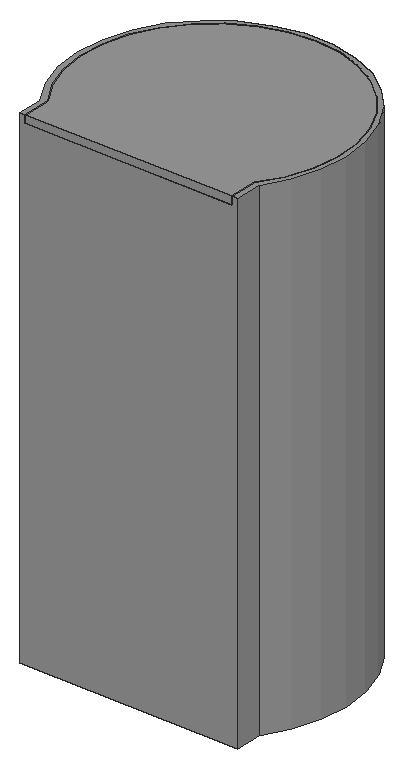
Revit family "3050 Björk Soap dispenser", category Furniture Systems, host Wall, Revit 2018
Family settings
  Host = Wall
  Round Connector Dimension = Use Diameter
  Part Type = Normal
  Always vertical = Yes
  Cut with Voids When Loaded = No
  Shared = No
  Room Calculation Point = No
Parameters (values of type "OSLO")
  URL = "http://www.dandryer.com/en-gb/products/-soapdispensers/3050-bjork--white--liquid-soap-disinfectant"
  Type Image = <None>
  Surface Top = OSLO
  Surface Front = WHITE
  Model = "Björk-3050"
  Manufacturer = "Dan Dryer A/S"
  Description = "Touch-free soap dispenserTouch-free soap dispenser"
  Cost = 0
Types (6, lengths in mm): name | URL | Surface Top | Manufacturer | Description
  BIRK | "http://www.dandryer.dk/da-dk/produkter/produktserie-%E2%80%93-bjork/3050-bjork-dispenser-flydende-saebe-desinfektion--hvid" | BIRK | "Dan Dryer" | "Touch-free soap dispenser"
  GEO WHITE | "http://www.dandryer.dk/da-dk/produkter/produktserie-%E2%80%93-bjork/3050-bjork-dispenser-flydende-saebe-desinfektion--hvid" | GEO WHITE | "Dan Dryer" | "Touch-free soap dispenser"
  GRIGIO LONDRA | "http://www.dandryer.dk/da-dk/produkter/produktserie-%E2%80%93-bjork/3050-bjork-dispenser-flydende-saebe-desinfektion--hvid" | GRIGIO LONDRA | "Dan Dryer" | "Touch-free soap dispenser"
  NEGRO INGO | "http://www.dandryer.dk/da-dk/produkter/produktserie-%E2%80%93-bjork/3050-bjork-dispenser-flydende-saebe-desinfektion--hvid" | NEGRO INGO | "Dan Dryer" | "Touch-free soap dispenser"
  OSLO | "http://www.dandryer.com/en-gb/products/-soapdispensers/3050-bjork--white--liquid-soap-disinfectant" | OSLO | "Dan Dryer A/S" | "Touch-free soap dispenserTouch-free soap dispenser"
  BIANCO MALE | "http://www.dandryer.dk/da-dk/produkter/produktserie-%E2%80%93-bjork/3050-bjork-dispenser-flydende-saebe-desinfektion--hvid" | BIANCO MALE | "Dan Dryer" | "Touch-free soap dispenser"
Reference planes
  plane 1 "Wall": y = 0
  plane 2 "Center (Left/Right)": x = 125
  plane 3 "Back": y = 75
Forms (mm)
  Extrusion 1, solid, material "WHITE", not visible
    sketch origin (0, 0, 0) x (1, 0, 0) y (0, 1, 0)
      loop
        arc (42.212, 95.366) -> (42.426, 94.946) -> (42.5, 94.481) r 1.5
        line (42.5, 94.481) -> (42.5, 75.3) -> (43.7, 75.3) -> (43.7, 94.481)
        arc (43.7, 94.481) -> (43.567, 95.318) -> (43.181, 96.073) r 2.7
        arc (43.181, 96.073) -> (125, 257.1) -> (206.819, 96.073) r 101.3
        arc (206.819, 96.073) -> (206.433, 95.318) -> (206.3, 94.481) r 2.7
        line (206.3, 94.481) -> (206.3, 75.3) -> (207.5, 75.3) -> (207.5, 94.481)
        arc (207.5, 94.481) -> (207.574, 94.946) -> (207.788, 95.366) r 1.5
        arc (207.788, 95.366) -> (125, 258.3) -> (42.212, 95.366) r 102.5
    from 900 to 1230
  Extrusion 2, void, not visible
    sketch origin (207.5, 94.481, 0) x (0, 1, 0) y (0, 0, -1)
      loop
        line (-19.181, -1225) -> (-19.181, -1230) -> (6.154, -1230)
        arc (6.154, -1230) -> (3.068, -1228.36) -> (2.105, -1225) r 4.47
        line (2.105, -1225) -> (-19.181, -1225)
    from -10.952 to 170.161
  Extrusion 3, void, not visible
    sketch origin (207.5, 94.481, 2130) x (0, 1, 0) y (0, 0, -1)
      loop
        line (-19.181, 1225) -> (2.105, 1225)
        arc (2.105, 1225) -> (3.068, 1228.36) -> (6.154, 1230) r 4.47
        line (6.154, 1230) -> (-19.181, 1230) -> (-19.181, 1225)
    from -6 to 179.451
  Extrusion 4, solid, not visible
    sketch origin (207.5, 75.3, 907) x (0, 1, 0) y (-1, 0, 0)
      loop
        line (0, 163.8) -> (0, 1.2) -> (19.181, 1.2)
        arc (19.181, 1.2) -> (20.018, 1.067) -> (20.773, 0.681) r 2.7
        arc (20.773, 0.681) -> (181.8, 82.5) -> (20.773, 164.319) r 101.3
        arc (20.773, 164.319) -> (20.018, 163.933) -> (19.181, 163.8) r 2.7
        line (19.181, 163.8) -> (0, 163.8)
    from 0 to -2
  Extrusion 5, void, not visible
    sketch origin (206.3, 75.3, 0) x (-1, 0, 0) y (0, 0, 1)
      loop
        arc (83.312, 976) -> (81.303, 978.014) -> (79.288, 976) r 2.012
        line (79.288, 976) -> (79.285, 930)
        arc (79.285, 930) -> (81.297, 927.986) -> (83.312, 930) r 2.012
        line (83.312, 930) -> (83.312, 976)
    from 174.915 to 189.234
  Extrusion 6, solid, not visible
    sketch origin (206.3, 75.3, 0) x (1, 0, 0) y (0, 0, 1)
      loop
        line (-83.312, 975.984) -> (-83.312, 930)
        arc (-83.312, 930) -> (-81.291, 928.118) -> (-79.287, 930.016) r 2.015
        line (-79.287, 930.016) -> (-79.288, 976)
        arc (-79.288, 976) -> (-81.309, 977.882) -> (-83.312, 975.984) r 2.015
    from -182.98 to -174.915
  Extrusion 7, solid, material "Mat Sort", not visible
    sketch origin (0, 0, 0) x (1, 0, 0) y (0, 1, 0)
      loop
        arc (42.212, 95.366) -> (42.426, 94.946) -> (42.5, 94.481) r 1.5
        line (42.5, 94.481) -> (42.5, 75.3) -> (43.7, 75.3) -> (43.7, 94.481)
        arc (43.7, 94.481) -> (43.567, 95.318) -> (43.181, 96.073) r 2.7
        arc (43.181, 96.073) -> (125, 257.1) -> (206.819, 96.073) r 101.3
        arc (206.819, 96.073) -> (206.433, 95.318) -> (206.3, 94.481) r 2.7
        line (206.3, 94.481) -> (206.3, 75.3) -> (207.5, 75.3) -> (207.5, 94.481)
        arc (207.5, 94.481) -> (207.574, 94.946) -> (207.788, 95.366) r 1.5
        arc (207.788, 95.366) -> (125, 258.3) -> (42.212, 95.366) r 102.5
    from 900 to 1230
Text (mm)
  text "Placement Side" at (-1848.837, 1116.779, 0), in view "Ref. Level"
  text "Placement side" at (0, 1409.804, 2854.306), in view "Left"
  text "Placement side" at (0, 499.811, 2980.732), in view "Right"
Dimensions and locks
  locked: plane 3 "Back" to host wall
  aligned and locked: plane 1 "Wall" to host wall
  aligned and locked: plane 3 "Back" to nested 1  (x2)
Nested families
  nested 1: "Master Soap dispenser" at (125, 75, 1100), type "Master Soap dispenser"
Definition of nested family "Master Soap dispenser"
  Parameters (values of type "Master Soap dispenser")
    Surface Top = none
    Surface Front = none
  Reference planes
    plane 1 "Center (Front/Back)": y = 0
    plane 2: z = 0
    plane 3 "Center (Left/Right)": x = 0
  Forms (mm)
    Extrusion 1, solid, material <- "Surface Front"
      sketch origin (0, 0, 0) x (1, 0, 0) y (0, 1, 0)
        loop
          line (-72.636, 16.842) -> (-72.636, 0) -> (73.262, 0) -> (73.262, 17.709)
          arc (73.262, 17.709) -> (-0.534, 159.71) -> (-72.636, 16.842) r 89.899
      from 0 to 330
    Extrusion 2, solid, material <- "Surface Top"
      sketch origin (0, 0, 330) x (1, 0, 0) y (0, 1, 0)
        loop
          arc (69.262, 19.017) -> (0, 156.8) -> (-69.261, 19.017) r 86.3
          line (-69.261, 19.017) -> (-69.261, 0) -> (69.262, 0) -> (69.262, 19.017)
      from 0 to -5
    Extrusion 3, void
      sketch origin (0, 0, 0) x (1, 0, 0) y (0, 1, 0)
        loop
          line (-69.261, 0) -> (69.262, 0) -> (69.262, 19.017)
          arc (69.262, 19.017) -> (0, 156.8) -> (-69.261, 19.017) r 86.3
          line (-69.261, 19.017) -> (-69.261, 0)
      from 325 to 330
  Cuts and joins
    Extrusion 3 cuts Extrusion 1
  Dimensions and locks
    aligned and locked: level to plane 2
